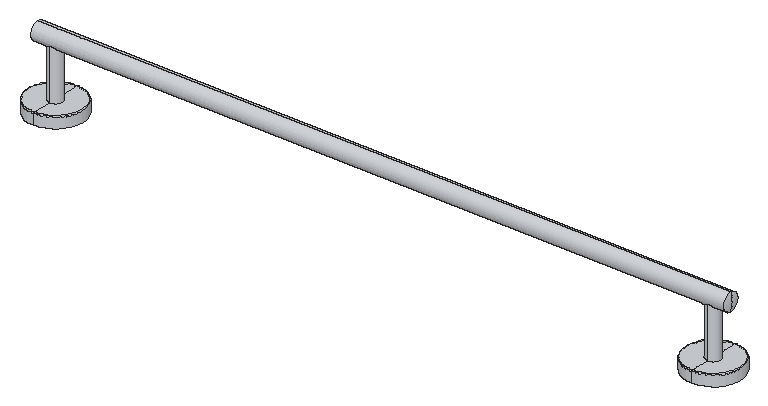
Revit family "Accessory-Towel_Bar-KOHLER-Elate-K-27287", category Specialty Equipment, host Face, Revit 2015
Parameters (values of type "CP-Polished Chrome")
  Width = 2 3/4"  # constant formula
  WaterSense Certified = 1 = 0  # no
  URL = "https://www.us.kohler.com/us/"
  Type = 1
  Product Page URL = "http://www.us.kohler.com/us/catalog/productDetails.jsp?productNumber=27287"
  Product Name = "Elate"  # constant formula
  Product Documentation Link = "https://www.us.kohler.com/webassets/kpna/catalog/pdf/en/K-27287_spec.pdf"
  Model = if(Type = 1, "K-27287-CP", if(Type = 2, "K-27287-BN", "NA"))  # "K-27287-CP"
  Material = "Premium Metal Construction"  # constant formula
  MasterFormat 2004 = "10.28.13"  # constant formula
  MasterFormat 1995 = "10820"  # constant formula
  Manufacturer Address = "444 Highland Dr, Kohler, WI 53044"  # constant formula
  Manufacturer = "KOHLER Co."  # constant formula
  Length = 24"  # constant formula
  Height = 2"  # constant formula
  Finish = Kohler-Metal-CP-Polished_Chrome
  Environmental Product Declaration = ""
  Description = "24 inch Towel Bar"  # constant formula
  Default Elevation = 42"
  Declare Label = ""
  Date Modified = "02/01/2019"  # constant formula
  Date Created = "02/01/2019"  # constant formula
  Copyright = "Copyright KOHLER Co."  # constant formula
  Contact Us = "https://www.us.kohler.com/us/static/contact.jsp"
  Assembly Code = "C1030200"
  ADA Compliant = 1 = 0  # no
Types (3): name | Type | Model | Finish
  (no name) | 1 | "K-27287-CP" | Kohler-Metal-CP-Polished_Chrome
  CP-Polished Chrome | 1 | "K-27287-CP" | Kohler-Metal-CP-Polished_Chrome
  BN-Vibrant Brushed Nickel | 2 | "K-27287-BN" | Kohler-Metal-BN-Vibrant_Brushed_Nickel
Reference planes (in)
  plane 1 "Center (Front/Back)": y = 0
  plane 2: z = 0
  plane 3 "Center (Left/Right)": x = 0
  plane 4: x = -13
  plane 5: x = -12
  plane 6: x = 13
  plane 7: x = 12
  plane 8: x = -11
  plane 9: x = 11
  plane 10: z = 2.75
  plane 11: y = 1
  plane 12: y = -1
Dimensions and locks (in)
  locked: plane 4 to plane 8 at 2
  locked: plane 9 to plane 6 at 2
  "Height": plane 11 to plane 12
  locked: plane 4 to plane 6 at 26
  "Length": plane 5 to plane 7
  "Width": plane 10 to plane 2
  aligned and locked: host face to plane 2
  aligned and locked: host face to level
Automatic sketch dimensions
  host sketch curve to host sketch curve = 96"  (x2)
Nested families (in)
  nested 1: "K-27287" at (0, 0, 0), type "K-27287"
Definition of nested family "K-27287"
  Parameters (values of type "K-27287")
    Width = 24"
    Material = none
  Reference planes (in)
    plane 1 "Center (Front/Back)": y = 0
    plane 2: z = 0
    plane 3 "Center (Left/Right)": x = 0
    plane 4: x = -12
    plane 5: x = 12
    plane 6: x = -13
    plane 7: x = -11
    plane 8: x = 13
    plane 9: x = 11
    plane 10: z = 2.75
    plane 11: y = 1
    plane 12: y = -1
    plane 13: x = 12.63281
    plane 14: x = 12.67035
    plane 15: x = -12.63281
    plane 16: x = -12.67035
  Forms (in)
    Revolve 1, solid, material <- "Material", detail levels medium+fine
      sketch origin (0, 0, 0) x (1, 0, 0) y (0, 0, 1)
        loop
          line (12.63281, 2.75) -> (-12.63281, 2.75)
          arc (-12.63281, 2.75) -> (-12.66093, 2.59363) -> (-12.67035, 2.43504) r 1.34008
          line (-12.67035, 2.43504) -> (12.67035, 2.43504)
          arc (12.67035, 2.43504) -> (12.66093, 2.59363) -> (12.63281, 2.75) r 1.34008
        axis (-12.67035, 2.43504) -> (12.67035, 2.43504)
      angle from 0 to 360
    Revolve 2, solid, material <- "Material", detail levels medium+fine
      sketch origin (-12, 0, 0) x (0, 1, 0) y (0, 0, 1)
        loop
          line (0, 2.41628) -> (-0.25591, 2.41628) -> (-0.25591, 0.41339) -> (-0.97877, 0.41339)
          arc (-0.97877, 0.41339) -> (-0.99378, 0.40717) -> (-1, 0.39216) r 0.02123
          line (-1, 0.39216) -> (-1, 0) -> (0, 0) -> (0, 2.41628)
        axis (0, 2.41628) -> (0, 0)
      angle from 0 to 360
    Revolve 3, solid, material <- "Material", detail levels medium+fine
      sketch origin (12, 0, 0) x (0, 1, 0) y (0, 0, -1)
        loop
          line (0, -2.41628) -> (0, 0) -> (-1, 0) -> (-1, -0.39216)
          arc (-1, -0.39216) -> (-0.99378, -0.40717) -> (-0.97877, -0.41339) r 0.02123
          line (-0.97877, -0.41339) -> (-0.25591, -0.41339) -> (-0.25591, -2.41628) -> (0, -2.41628)
        axis (0, -2.41628) -> (0, 0)
      angle from 0 to 360
    Revolve 4, solid, material <- "Material", detail levels coarse
      sketch origin (0, 0, 0) x (1, 0, 0) y (0, 0, 1)
        loop
          line (-12, 2.39929) -> (-12, 0) -> (-11, 0) -> (-11, 0.75) -> (-11.6947, 0.75) -> (-11.6947, 2.39929) -> (-12, 2.39929)
        axis (-12, 2.39929) -> (-12, 0)
      angle from 0 to 360
    Revolve 5, solid, material <- "Material", detail levels coarse
      sketch origin (0, 0, 0) x (-1, 0, 0) y (0, 0, 1)
        loop
          line (-12, 2.39929) -> (-12, 0) -> (-11, 0) -> (-11, 0.75) -> (-11.6947, 0.75) -> (-11.6947, 2.39929) -> (-12, 2.39929)
        axis (-12, 2.39929) -> (-12, 0)
      angle from 0 to 360
    Extrusion 6, solid, material <- "Material", detail levels coarse
      sketch origin (0, 0, 0) x (0, 1, 0) y (0, 0, 1)
        loop
          circle (0, 2.43504) r 0.36984
      from -12.63182 to 12.63115
  Cuts and joins
    joined: Revolve 1, Revolve 2, Revolve 3
    joined: Revolve 4, Revolve 5, Extrusion 6
  Lines and regions (in)
    Masking region 1
      outline origin (0, 0, 0) x (1, 0, 0) y (0, 0, 1)
        loop
          line (13, 0) -> (13, 0.39356)
          arc (13, 0.39356) -> (12.99419, 0.40758) -> (12.98018, 0.41339) r 0.01982
          line (12.98018, 0.41339) -> (12.25591, 0.41339) -> (12.25591, 2.12008) -> (12.63281, 2.12008)
          arc (12.63281, 2.12008) -> (12.6708, 2.43504) -> (12.63281, 2.75) r 1.3248
          line (12.63281, 2.75) -> (-12.63281, 2.75)
          arc (-12.63281, 2.75) -> (-12.6708, 2.43504) -> (-12.63281, 2.12008) r 1.3248
          line (-12.63281, 2.12008) -> (-12.25591, 2.12008) -> (-12.25591, 0.41339) -> (-12.98044, 0.41339)
          arc (-12.98044, 0.41339) -> (-12.99427, 0.40766) -> (-13, 0.39382) r 0.01956
          line (-13, 0.39382) -> (-13, 0) -> (-11, 0) -> (-11, 0.39271)
          arc (-11, 0.39271) -> (-11.00605, 0.40733) -> (-11.02067, 0.41339) r 0.02067
          line (-11.02067, 0.41339) -> (-11.74409, 0.41339) -> (-11.74409, 2.12008) -> (11.74409, 2.12008) -> (11.74409, 0.41339) -> (11.0199, 0.41339)
          arc (11.0199, 0.41339) -> (11.00583, 0.40756) -> (11, 0.39348) r 0.0199
          line (11, 0.39348) -> (11, 0) -> (13, 0)
    Masking region 2
      outline origin (0, 0, 0) x (0, 1, 0) y (0, 0, 1)
        loop
          line (1, 0) -> (1, 0.39224)
          arc (1, 0.39224) -> (0.99381, 0.40719) -> (0.97885, 0.41339) r 0.02115
          line (0.97885, 0.41339) -> (0.25591, 0.41339) -> (0.25591, 2.25143)
          arc (0.25591, 2.25143) -> (0.28021, 2.57886) -> (0, 2.75) r 0.31496
          arc (0, 2.75) -> (-0.28021, 2.57886) -> (-0.25591, 2.25143) r 0.31496
          line (-0.25591, 2.25143) -> (-0.25591, 0.41339) -> (-0.97917, 0.41339)
          arc (-0.97917, 0.41339) -> (-0.9939, 0.40729) -> (-1, 0.39256) r 0.02083
          line (-1, 0.39256) -> (-1, 0) -> (1, 0)
    Masking region 3
      outline origin (0, 0, 0) x (1, 0, 0) y (0, 1, 0)
        loop
          arc (-13, 0) -> (-12.70711, -0.70711) -> (-12, -1) r 1
          arc (-12, -1) -> (-11.41475, -0.81085) -> (-11.0509, -0.31496) r 1
          line (-11.0509, -0.31496) -> (11.0509, -0.31496)
          arc (11.0509, -0.31496) -> (11.41475, -0.81085) -> (12, -1) r 1
          arc (12, -1) -> (12.70711, -0.70711) -> (13, 0) r 1
          arc (13, 0) -> (12.70711, 0.70711) -> (12, 1) r 1
          arc (12, 1) -> (11.41475, 0.81085) -> (11.0509, 0.31496) r 1
          line (11.0509, 0.31496) -> (-11.0509, 0.31496)
          arc (-11.0509, 0.31496) -> (-11.41475, 0.81085) -> (-12, 1) r 1
          arc (-12, 1) -> (-12.70711, 0.70711) -> (-13, 0) r 1
    symbolic lines, detail levels medium+fine
      curve 1: line (12.63281, 0, 2.75) -> (12.63281, 0, 2.12008)
      curve 2: line (-12.63281, 0, 2.75) -> (-12.63281, 0, 2.12008)
      curve 3: arc (12.25591, 0, 2.12008) -> (12.14382, 0, 2.21667) -> (12, 0, 2.25143) r 0.31496
      curve 4: arc (11.74409, 0, 2.12008) -> (11.85618, 0, 2.21667) -> (12, 0, 2.25143) r 0.31496
      curve 5: arc (-12.25591, 0, 2.12008) -> (-12.14382, 0, 2.21667) -> (-12, 0, 2.25143) r 0.31496
      curve 6: arc (-11.74409, 0, 2.12008) -> (-11.85618, 0, 2.21667) -> (-12, 0, 2.25143) r 0.31496
      curve 7: line (12.25591, 0, 0.41339) -> (11.74409, 0, 0.41339)
      curve 8: line (-11.74409, 0, 0.41339) -> (-12.25591, 0, 0.41339)
      curve 9: line (0, 0.25591, 0.41339) -> (0, -0.25591, 0.41339)
      curve 10: arc (0, 0.25591, 2.25143) -> (0, 0.14382, 2.15483) -> (0, 0, 2.12008) r 0.31496
      curve 11: arc (0, -0.25591, 2.25143) -> (0, -0.14382, 2.15483) -> (0, 0, 2.12008) r 0.31496
      curve 12: line (-12.63281, 0.31496, 0) -> (-11.0509, 0.31496, 0)
      curve 13: line (-12.63281, -0.31496, 0) -> (-11.0509, -0.31496, 0)
      curve 14: arc (-12.63281, 0.31496, 0) -> (-12.67039, 0, 0) -> (-12.63281, -0.31496, 0) r 1.33855
      curve 15: line (-12.63281, 0.31496, 0) -> (-12.63281, -0.31496, 0)
      curve 16: line (12.63281, 0.31496, 0) -> (11.0509, 0.31496, 0)
      curve 17: line (12.63281, -0.31496, 0) -> (11.0509, -0.31496, 0)
      curve 18: arc (12.63281, 0.31496, 0) -> (12.67039, 0, 0) -> (12.63281, -0.31496, 0) r 1.33855
      curve 19: line (12.63281, 0.31496, 0) -> (12.63281, -0.31496, 0)
  Dimensions and locks (in)
    equal spacing: plane 4, plane 3 "Center (Left/Right)", plane 5
    "Width": plane 4 to plane 5
    locked: plane 6 to plane 7 at 2
    locked: plane 9 to plane 8 at 2
    locked: plane 10 to plane 2 at 2.75
    locked: plane 11 to plane 12 at 2
    locked: plane 5 to plane 13 at 0.63281
    locked: plane 5 to plane 14 at 0.67035
    locked: plane 15 to plane 4 at 0.63281
    locked: plane 16 to plane 4 at 0.67035
    aligned and locked: plane 2 to level
    aligned and locked: plane 4 to Revolve 2
    aligned and locked: plane 5 to Revolve 3
    aligned and locked: plane 15 to Revolve 1 sketch curve
    aligned and locked: plane 16 to Revolve 1 sketch curve
    aligned and locked: plane 13 to Revolve 1 sketch curve
    aligned and locked: plane 14 to Revolve 1 sketch curve
  Automatic sketch dimensions
    plane 1 "Center (Front/Back)" to curve 14 = 0"
    plane 1 "Center (Front/Back)" to curve 18 = 0"
    plane 6 to curve 12 = 47/128"
    plane 7 to curve 14 = 0.33184"
    plane 9 to curve 18 = 0.33184"
    plane 8 to curve 17 = 47/128"
    plane 1 "Center (Front/Back)" to curve 15 = 0.31496"
    plane 1 "Center (Front/Back)" to curve 17 = 0.31496"
    plane 7 to curve 12 = 0.0509"
    plane 7 to curve 13 = 0.0509"
    plane 9 to curve 16 = 0.0509"
    plane 9 to curve 17 = 0.0509"
    curve 10 to curve 11 = 0"  (x2)
    curve 10 to plane 1 "Center (Front/Back)" = 0"
    curve 11 to plane 10 = 0.31496"
    plane 1 "Center (Front/Back)" to curve 11 = 0.25591"
    plane 1 "Center (Front/Back)" to curve 9 = 0.25591"
    curve 10 to plane 1 "Center (Front/Back)" = 0.25591"
    curve 9 to plane 1 "Center (Front/Back)" = 0.25591"
    curve 10 to curve 10 = 47/256"
    level to curve 9 = 0.41339"
    curve 3 to curve 4 = 0"  (x2)
    curve 5 to curve 6 = 0"  (x2)
    curve 2 to plane 10 = 0"
    curve 5 to plane 4 = 0"
    plane 5 to curve 3 = 0"
    curve 1 to plane 10 = 0"
    curve 4 to plane 10 = 0.81353"
    curve 5 to plane 10 = 0.81353"
    curve 8 to plane 4 = 0.25591"
    curve 5 to plane 4 = 0.25591"
    plane 6 to curve 2 = 47/128"
    plane 4 to curve 8 = 0.25591"
    plane 4 to curve 6 = 0.25591"
    plane 5 to curve 7 = 0.25591"
    plane 5 to curve 4 = 0.25591"
    curve 7 to plane 5 = 0.25591"
    curve 3 to plane 5 = 0.25591"
    plane 8 to curve 1 = 47/128"
    curve 5 to curve 5 = 0.31496"
    curve 3 to curve 4 = 0.31496"
    curve 2 to curve 5 = 0"
    curve 1 to curve 3 = 0"
    level to curve 8 = 0.41339"
    level to curve 7 = 0.41339"
    plane 14 to Revolve 1 sketch curve = 0"
    Revolve 1 sketch curve to plane 10 = 0"
    Revolve 1 sketch curve to plane 10 = 0.31496"
    plane 8 to Revolve 1 sketch curve = 0.07965"
    Revolve 1 sketch curve to Revolve 1 sketch curve = 0"
    Revolve 2 sketch curve to level = 0"  (x2)
    Revolve 2 sketch curve to plane 12 = 0"
    Revolve 2 sketch curve to plane 1 "Center (Front/Back)" = 0"  (x2)
    Revolve 2 sketch curve to plane 12 = 0.02123"
    plane 1 "Center (Front/Back)" to Revolve 2 sketch curve = 0.25591"
    level to Revolve 2 sketch curve = 0.39216"
    Revolve 2 sketch curve to plane 10 = 0.33372"
    Revolve 2 sketch curve to level = 0.40475"
    Revolve 3 sketch curve to level = 0"  (x2)
    Revolve 3 sketch curve to plane 12 = 0"
    Revolve 3 sketch curve to plane 1 "Center (Front/Back)" = 0"  (x2)
    Revolve 3 sketch curve to plane 12 = 0.02123"
    plane 1 "Center (Front/Back)" to Revolve 3 sketch curve = 0.25591"
    level to Revolve 3 sketch curve = 0.39216"
    Revolve 3 sketch curve to plane 10 = 0.33372"
    Revolve 3 sketch curve to Revolve 3 sketch curve = 0.40475"
    Masking region 1 sketch curve to level = 0"  (x2)
    Masking region 1 sketch curve to plane 6 = 0"
    Masking region 1 sketch curve to plane 10 = 0"
    plane 7 to Masking region 1 sketch curve = 0"
    Masking region 1 sketch curve to plane 9 = 0"
    plane 8 to Masking region 1 sketch curve = 0"
    plane 6 to Masking region 1 sketch curve = 0.01956"
    plane 6 to Masking region 1 sketch curve = 47/128"  (x2)
    Masking region 1 sketch curve to plane 4 = 0.25591"
    plane 4 to Masking region 1 sketch curve = 0.25591"
    plane 7 to Masking region 1 sketch curve = 0.346"
    plane 7 to Masking region 1 sketch curve = 0.02067"
    plane 9 to Masking region 1 sketch curve = 0.0199"
    plane 9 to Masking region 1 sketch curve = 0.346"
    plane 5 to Masking region 1 sketch curve = 0.25591"
    Masking region 1 sketch curve to plane 5 = 0.25591"
    plane 8 to Masking region 1 sketch curve = 47/128"  (x2)
    Masking region 1 sketch curve to Masking region 1 sketch curve = 0.01982"
    Masking region 1 sketch curve to Masking region 1 sketch curve = 0.39271"
    level to Masking region 1 sketch curve = 0.39348"
    level to Masking region 1 sketch curve = 0.39356"
    level to Masking region 1 sketch curve = 0.39382"
    Masking region 1 sketch curve to Masking region 1 sketch curve = 0.62992"  (x2)
    Masking region 1 sketch curve to Masking region 1 sketch curve = 0.31496"
    Masking region 2 sketch curve to Masking region 2 sketch curve = 0"  (x2)
    Masking region 2 sketch curve to plane 12 = 0"
    Masking region 2 sketch curve to plane 1 "Center (Front/Back)" = 0"
    Masking region 2 sketch curve to level = 0"
    Masking region 2 sketch curve to plane 11 = 0"
    Masking region 2 sketch curve to plane 10 = 0"
    Masking region 2 sketch curve to Masking region 2 sketch curve = 0.02083"
    plane 1 "Center (Front/Back)" to Masking region 2 sketch curve = 0.25591"
    Masking region 2 sketch curve to plane 1 "Center (Front/Back)" = 0.25591"
    Masking region 2 sketch curve to plane 11 = 0.02115"
    Masking region 2 sketch curve to Masking region 2 sketch curve = 0.39224"
    level to Masking region 2 sketch curve = 0.39256"
    Masking region 2 sketch curve to plane 10 = 0.49857"
    Masking region 3 sketch curve to Masking region 3 sketch curve = 0"  (x24)
    plane 1 "Center (Front/Back)" to Masking region 3 sketch curve = 0"  (x2)
    Masking region 3 sketch curve to plane 6 = 0"
    Masking region 3 sketch curve to plane 4 = 0"
    Masking region 3 sketch curve to plane 5 = 0"
    Masking region 3 sketch curve to plane 8 = 0"
    plane 7 to Masking region 3 sketch curve = 0.0509"  (x2)
    Revolve 4 sketch curve to plane 4 = 0"  (x2)
    Revolve 4 sketch curve to level = 0"  (x2)
    plane 7 to Revolve 4 sketch curve = 0"
    plane 4 to Revolve 4 sketch curve = 0.3053"
    level to Revolve 4 sketch curve = 3/4"
    Revolve 4 sketch curve to plane 10 = 0.35071"
    Revolve 4 sketch curve to level = 0.93565"
    plane 5 to Revolve 5 sketch curve = 0"  (x2)
    Revolve 5 sketch curve to level = 0"  (x2)
    Revolve 5 sketch curve to plane 9 = 0"
    Revolve 5 sketch curve to plane 5 = 0.3053"
    Revolve 5 sketch curve to level = 3/4"
    plane 10 to Revolve 5 sketch curve = 0.35071"
    Revolve 5 sketch curve to Revolve 5 sketch curve = 0.93565"
    Extrusion 6 sketch curve to plane 1 "Center (Front/Back)" = 0"
    Extrusion 6 sketch curve to plane 10 = 0.31496"
    radius of Extrusion 6 sketch curve = 0.36984"
